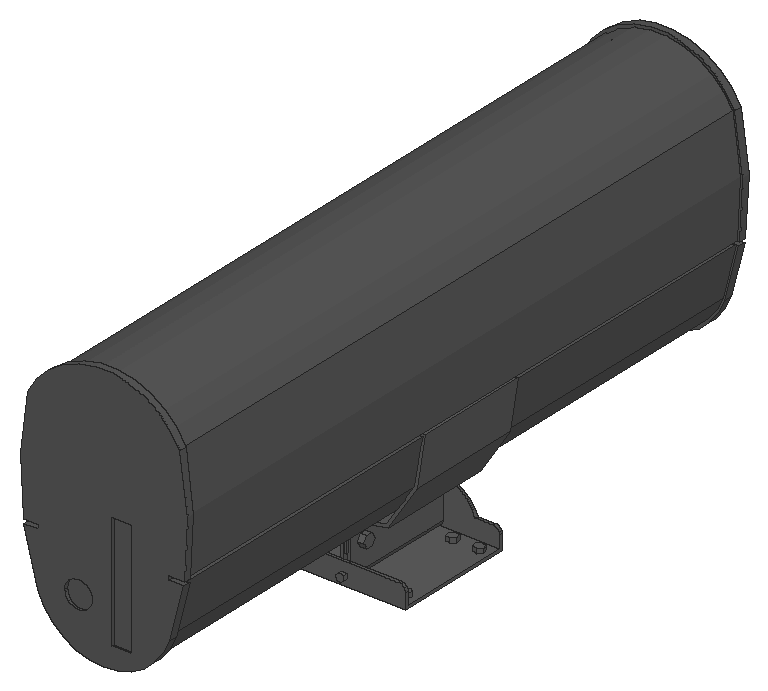
Revit family "Electronics_Desono_Biamp_Compact-Column-Point-Source-Loudspeaker_ENT206", category Communication Devices, host Face, Revit 2020
Family settings
  Host = Face
  Maintain Annotation Orientation = No
  Round Connector Dimension = Use Diameter
  Part Type = Normal
  OmniClass Number = 23.85.10.11.14.14.14
  Cut with Voids When Loaded = No
  Shared = No
  Room Calculation Point = No
Parameters (values of type "ENT206 B")
  Width = 0' - 4.64567"  # constant formula
  Weight = 15.00 lbf  # constant formula
  URL = "https://www.biamp.com/"
  Transducers = "LF  6 x 80 mm long excursion mylar driver; HF  2 x 3-element Compact Ribbon Emulator"  # constant formula
  Tilt angle [instance] = 0.00°
  Shipping Weight = 18.00 lbf  # constant formula
  Rotate angle [instance] = 0.00°
  Required Accessories = "External High Pass Filter - 120 Hz, 24 dB /octave Digital Signal Processor"  # constant formula
  Recommended Amplifers = "Passive - 150 W - 300 W @ 8 Ω (35 V - 49 V)"  # constant formula
  Product data url = "https://www.bimobject.com/biamp/product/ent206_desono-column-point-source"
  Product Page URL = "https://www.biamp.com/products/product-families/desono/point-source-loudspeakers#ent206"
  Product Documentation Link = "https://downloads.biamp.com/assets/docs/default-source/data-sheets/biamp_data_sheet_desono_ent206.pdf"
  Position Note [instance] = if(Position = 1, "Position A - mounting points are guided by the factory marked pilot holes (please see the Installation/Operation manual for the details)", if(Position = 2, "Position B - mounting points are guided by the factory marked pilot holes (please see the Installation/Operation manual for the details)", if(Position = 3, "Position C - mounting points are guided by the factory marked pilot holes (please see the Installation/Operation manual for the details)", "Enter value 1 to 3")))  # "Position A - mounting points are guided by the factory marked pilot holes (please see the Installation/Operation manual for the details)"
  Position [instance] = 1
  Operating Range = "120 Hz to 22 kHz"  # constant formula
  Operating Mode = "Passive"  # constant formula
  Operating Environment = "Indoor or outdoor"  # constant formula
  Offset speaker [instance] = if(Position = 1, 0' 11.85039", if(Position = 2, 0' 9.35039", 0' 6.85039"))  # 0' - 11.85039"
  Nominal Sensitivity = "Passive: 1W - 94dB; 2.83V - 94dB"  # constant formula
  Nominal Maximum SPL (Whole Space) = "Passive: Peak - 122dB; Continuous - 116dB"  # constant formula
  Nominal Beamwidth  (H x V) = "140°  x  20°"  # constant formula
  Nom SA [instance] = if(and(Position = 1, or(Tilt angle < 0.00°, Tilt angle = 0.00°)), 0.00°, if(and(Position = 1, and(Tilt angle > 0.00°, Tilt angle < 10.50°)), Tilt angle, if(and(Position = 1, or(Tilt angle > 10.50°, Tilt angle = 10.50°)), 10.50°, if(and(Position = 2, or(Tilt angle < 0.00°, Tilt angle = 0.00°)), 0.00°, if(and(Position = 2, and(Tilt angle > 0.00°, Tilt angle < 14.00°)), Tilt angle, if(and(Position = 2, or(Tilt angle > 14.00°, Tilt angle = 14.00°)), 14.00°, if(and(Position = 3, or(Tilt angle < 0.00°, Tilt angle = 0.00°)), 0.00°, if(and(Position = 3, and(Tilt angle > 0.00°, Tilt angle < 14.00°)), Tilt angle, if(and(Position = 3, or(Tilt angle > 14.00°, Tilt angle = 14.00°)), 14.00°, 0.00°)))))))))  # 0.00°
  Nom RA [instance] = if(or(Rotate angle < -55.00°, Rotate angle = -55.00°), 55.00°, if(and(Rotate angle > -55.00°, Rotate angle < 55.00°), Rotate angle, if(or(Rotate angle > 55.00°, Rotate angle = 55.00°), 55.00°, 0.00°)))  # 0.00°
  Mounting Points = "Small pan-tilt mounting bracket included (14° down-tilt, ± 55° panning)"  # constant formula
  Model = "ENT206 B"
  Manufacturer = "Biamp"  # constant formula
  Input Connection = "NL4-type connector for low impedance operation, and 8-position terminal strip for low impedance or constant voltage operation"  # constant formula
  Housing Material = Biamp - Plastic - Black
  Height_2 = 1' - 7.92126"  # constant formula
  Grill Material = Biamp - Plastic - Black(Grid)
  Equalized Sensitivity = "Sustem: 1W - 93dB; 2.83V - 93dB"  # constant formula
  Equalized Maximum SPL = "System: Peak - 121dB; Continuous - 115dB"  # constant formula
  Environmental = "IP54 per IEC 60529, designed in accordance with MIL-STD-810G Included ABS plastic rain cover with integrated cable inlet and 1 (25.4mm) knockout for conduit ingress"  # constant formula
  Description = "Desono™ ENT206 Two-Way, Compact Column Point Source Loudspeaker"  # constant formula
  Depth = 0' - 7.48031"  # constant formula
  Default Elevation = 4' - 0"
  Continuous Power Handling Nominal Impedance = "Passive; 35V; 150W @ 8Ω (600W peak)"  # constant formula
  Connector Description = "Terminal strip; Low impedance 16 ohms, 70/100V operation"  # constant formula
  Bracket Material = Biamp - Metal - Black
  Autoformer = "70 V - 60 W,30 W,15 W,7.5W,3.75 W;100 V - 60 W,30 W,15 W,7,5 W"  # constant formula
Types (3): name | Model | Housing Material | Grill Material | Bracket Material
  (no name) | "ENT206 B" | Biamp - Plastic - Black | Biamp - Plastic - Black(Grid) | Biamp - Metal - Black
  ENT206 W | "ENT206 W" | Biamp - Plastic - White | Biamp - Plastic - White(Grid) | Biamp - Metal - White
  ENT206 B | "ENT206 B" | Biamp - Plastic - Black | Biamp - Plastic - Black(Grid) | Biamp - Metal - Black
Reference planes (in)
  plane 1 "Center (Front/Back)": y = 0
  plane 2: z = 0
  plane 3 "Center (Left/Right)": x = 0
  plane 4: z = 0.31496
Dimensions and locks (in)
  aligned and locked: plane 2 to host face
  aligned and locked: level to host face
Nested families (in)
  nested 1: "Tilt Bracket" at (0, 0, 0), Rotate angle <- "Nom RA", Slope angle <- "Nom SA", Housing Material <- "Bracket Material", type "Tilt Bracket"
    with Slope angle 0.00°, Rotate angle 0.00°, Housing Material Biamp - Metal - Black, 2D yes
  nested 2: "ENT206" at (0, 1.62992, 5.43033) x (-1, 0, 0) z (0, -1, 0), Grill <- "Grill Material", Housing Material <- "Housing Material", Offset <- "Offset speaker", type "ENT206"
    with Offset 0' - 11.85039", Housing Material Biamp - Plastic - Black, Grill Biamp - Plastic - Black(Grid)
Connectors (in)
  electrical at (-0.71337, -10.14368, 3.25247)
    settings: on nested 2, index 1, voltage 0 V, apparent load 0 VA, apparent load phase1 0 VA, apparent load phase2 0 VA, apparent load phase3 0 VA, power factor 1, load classification "Other", number of poles 1, system type 5, power factor state 1, is connector primary yes, connector utility no, sub classification motor no, connector description "NL4 connector; Low impedance 16 ohms"
  electrical at (0.4939, -10.14368, 3.9107), driven by "Connector Description"
    settings: on nested 2, index 2, voltage 0 V, apparent load 0 VA, apparent load phase1 0 VA, apparent load phase2 0 VA, apparent load phase3 0 VA, power factor 1, load classification "Other", number of poles 1, system type 5, power factor state 1, is connector primary no, connector utility no, sub classification motor no, connector description "Terminal strip; Low impedance 16 ohms, 70/100V operation"
Definition of nested family "Tilt Bracket"
  Parameters (values of type "Tilt Bracket")
    Width = 0' - 0"
    Weight = 0.00 lbf
    URL = "https://www.biamp.com/"
    Slope angle [instance] = 0.00°
    Rotate angle [instance] = 0.00°
    Product data url = ""
    Product Page URL = ""
    Product Documentation Link = ""
    Model = "ENT203 W"
    Manufacturer = "Biamp"
    Housing Material [instance] = none
    Height = 0' - 0"
    Height_2 = 0' - 0"
    Description = "Electronics_Desono_Biamp_Compact-Column-Point-Source-Loudspeaker_ENT203"
    Depth = 0' - 0"
    Default Elevation = 4' - 0"
    Connector Description = "Terminal strip, 70/100V operation"
    2D [instance] = yes
  Reference planes (in)
    plane 1 "Center (Front/Back)": y = 0
    plane 2: z = 0
    plane 3 "Center (Left/Right)": x = 0
    plane 4: z = 0.31496
  Forms (in)
    Extrusion 1, solid
      sketch origin (0, 0, 0) x (1, 0, 0) y (0, 1, 0)
        loop
          line (-48, 48) -> (-48, -48) -> (48, -48) -> (48, 48) -> (-48, 48)
      from 0 to -12
    Extrusion 2, solid, material <- "Housing Material"
      sketch origin (0, 0, 0) x (1, 0, 0) y (0, 0, 1)
        loop
          line (-1.77165, 0) -> (1.77165, 0) -> (1.77165, 0.43307)
          arc (1.77165, 0.43307) -> (1.714, 0.57227) -> (1.5748, 0.62992) r 0.19685
          line (1.5748, 0.62992) -> (1.06299, 0.62992)
          arc (1.06299, 0.62992) -> (0, 1.37795) -> (-1.06299, 0.62992) r 1.1293
          line (-1.06299, 0.62992) -> (-1.5748, 0.62992)
          arc (-1.5748, 0.62992) -> (-1.714, 0.57227) -> (-1.77165, 0.43307) r 0.19685
          line (-1.77165, 0.43307) -> (-1.77165, 0)
      from -1.71654 to 1.71654
    Extrusion 3, void
      sketch origin (0, 0, 0) x (0, 1, 0) y (0, 0, 1)
        loop
          line (1.6378, 1.85039) -> (-1.6378, 1.85039) -> (-1.6378, 0.07874) -> (1.6378, 0.07874) -> (1.6378, 1.85039)
      from -3.00698 to 2.93513
    Extrusion 4, void
      sketch origin (0, 0, 0) x (0, 1, 0) y (0, 0, 1)
        loop
          line (1.6378, 1.85039) -> (-2.29921, 1.85039) -> (-2.29921, 0.62992) -> (1.6378, 0.62992) -> (1.6378, 1.85039)
      from -3.00698 to 2.93513
    Extrusion 5, solid, material <- "Housing Material"
      sketch origin (0, 0, 0.31496) x (0, 0, 1) y (-1, 0, 0)
        loop
          line (1.05533, 0.14607) -> (-0.07041, 0.14607)
          arc (-0.07041, 0.14607) -> (-0.21647, 0) -> (-0.07041, -0.14607) r 0.14607
          line (-0.07041, -0.14607) -> (1.05533, -0.14607)
          arc (1.05533, -0.14607) -> (1.15376, -0.24449) -> (1.25218, -0.14607) r 0.09843
          line (1.25218, -0.14607) -> (1.25218, -0.05906) -> (0.14445, -0.05906) -> (0.14445, 0.05906) -> (1.25218, 0.05906) -> (1.25218, 0.14607)
          arc (1.25218, 0.14607) -> (1.15376, 0.24449) -> (1.05533, 0.14607) r 0.09843
      from -1.62598 to 1.62598
    Extrusion 6, solid, material <- "Housing Material"
      sketch origin (0, 0, 0.31496) x (0, 0, 1) y (-1, 0, 0)
        loop
          line (1.15376, 0.24449) -> (-0.02734, 0.24449)
          arc (-0.02734, 0.24449) -> (-0.27183, 0) -> (-0.02734, -0.24449) r 0.24449
          line (-0.02734, -0.24449) -> (1.15376, -0.24449)
          arc (1.15376, -0.24449) -> (1.22336, -0.21566) -> (1.25218, -0.14607) r 0.09843
          line (1.25218, -0.14607) -> (1.25218, 0.14607)
          arc (1.25218, 0.14607) -> (1.22336, 0.21566) -> (1.15376, 0.24449) r 0.09843
      from -1.75591 to -1.71654
    Extrusion 7, solid, material <- "Housing Material", detail levels medium+fine
      sketch origin (0, 0, 0) x (1, 0, 0) y (0, 1, 0)
        loop
          line (-1.41187, 1.44934) -> (-1.55491, 1.41101) -> (-1.59323, 1.26798) -> (-1.48852, 1.16327) -> (-1.34549, 1.20159) -> (-1.30716, 1.34463) -> (-1.41187, 1.44934)
        loop
          line (-0.65662, 1.44934) -> (-0.79966, 1.41101) -> (-0.83799, 1.26798) -> (-0.73328, 1.16327) -> (-0.59024, 1.20159) -> (-0.55191, 1.34463) -> (-0.65662, 1.44934)
        loop
          line (1.41187, 1.44934) -> (1.30716, 1.34463) -> (1.34549, 1.20159) -> (1.48852, 1.16327) -> (1.59323, 1.26798) -> (1.55491, 1.41101) -> (1.41187, 1.44934)
        loop
          line (0.65662, 1.44934) -> (0.55191, 1.34463) -> (0.59024, 1.20159) -> (0.73328, 1.16327) -> (0.83799, 1.26798) -> (0.79966, 1.41101) -> (0.65662, 1.44934)
        loop
          line (-1.41187, -1.44934) -> (-1.30716, -1.34463) -> (-1.34549, -1.20159) -> (-1.48852, -1.16327) -> (-1.59323, -1.26798) -> (-1.55491, -1.41101) -> (-1.41187, -1.44934)
        loop
          line (-0.65662, -1.44934) -> (-0.55191, -1.34463) -> (-0.59024, -1.20159) -> (-0.73328, -1.16327) -> (-0.83799, -1.26798) -> (-0.79966, -1.41101) -> (-0.65662, -1.44934)
        loop
          line (1.41187, -1.44934) -> (1.55491, -1.41101) -> (1.59323, -1.26798) -> (1.48852, -1.16327) -> (1.34549, -1.20159) -> (1.30716, -1.34463) -> (1.41187, -1.44934)
        loop
          line (0.65662, -1.44934) -> (0.79966, -1.41101) -> (0.83799, -1.26798) -> (0.73328, -1.16327) -> (0.59024, -1.20159) -> (0.55191, -1.34463) -> (0.65662, -1.44934)
      from 0.07874 to 0.19685
    Extrusion 8, solid, material <- "Housing Material", detail levels medium+fine
      sketch origin (-0.14607, 0, 1.37029) x (0, 0, -1) y (0, -1, 0)
        loop
          line (0.15695, 1.3213) -> (0.15695, 1.12445) -> (0.32743, 1.02603) -> (0.49791, 1.12445) -> (0.49791, 1.3213) -> (0.32743, 1.41973) -> (0.15695, 1.3213)
      from 0 to 0.19685
    Extrusion 9, solid, material <- "Housing Material", detail levels medium+fine
      sketch origin (-0.14607, 0, 1.37029) x (0, 0, -1) y (0, -1, 0)
        loop
          line (0.15695, 1.3213) -> (0.15695, 1.12445) -> (0.32743, 1.02603) -> (0.49791, 1.12445) -> (0.49791, 1.3213) -> (0.32743, 1.41973) -> (0.15695, 1.3213)
      from -0.48819 to -0.29213
    Extrusion 10, solid, material <- "Housing Material", detail levels medium+fine
      sketch origin (0, 1.75591, 0.31496) x (0, 0, -1) y (-1, 0, 0)
        loop
          circle (-1.15376, -0.15463) r 0.07784
        loop
          circle (-1.15376, 0.15463) r 0.07784
      from 0 to 0.11811
    Extrusion 11, solid, material <- "Housing Material", detail levels medium+fine
      sketch origin (0, 1.75591, 0.31496) x (0, 0, -1) y (-1, 0, 0)
        loop
          line (-0.0514, 0.02148) -> (-0.0091, -0.09475) -> (0.11271, -0.11623) -> (0.19221, -0.02148) -> (0.14991, 0.09475) -> (0.0281, 0.11623) -> (-0.0514, 0.02148)
      from 0 to 0.11811
    Extrusion 12, solid, material <- "Housing Material", detail levels medium+fine
      sketch origin (0, -1.71654, 0.31496) x (0, 0, -1) y (1, 0, 0)
        loop
          line (-0.0514, -0.02148) -> (0.0281, -0.11623) -> (0.14991, -0.09475) -> (0.19221, 0.02148) -> (0.11271, 0.11623) -> (-0.0091, 0.09475) -> (-0.0514, -0.02148)
      from 0 to 0.11811
  Cuts and joins
    Extrusion 3, Extrusion 4 cuts Extrusion 2
  Lines and regions (in)
    Masking region 1
      outline origin (0, 0, 0) x (1, 0, 0) y (0, 1, 0)
        loop
          line (-1.77165, 1.71654) -> (-1.77165, -1.71654) -> (1.77165, -1.71654) -> (1.77165, 1.71654) -> (-1.77165, 1.71654)
    Masking region 2
      outline origin (0, 0, 0) x (1, 0, 0) y (0, 0, 1)
        loop
          line (-1.77165, 0.43307) -> (-1.77165, 0) -> (1.77165, 0) -> (1.77165, 0.43307)
          arc (1.77165, 0.43307) -> (1.714, 0.57227) -> (1.5748, 0.62992) r 0.19685
          line (1.5748, 0.62992) -> (-1.5748, 0.62992)
          arc (-1.5748, 0.62992) -> (-1.714, 0.57227) -> (-1.77165, 0.43307) r 0.19685
    Masking region 3
      outline origin (0, 0, 0) x (1, 0, 0) y (0, 0, 1)
        loop
          arc (1.06299, 0.62992) -> (0, 1.37795) -> (-1.06299, 0.62992) r 1.1293
          line (-1.06299, 0.62992) -> (1.06299, 0.62992)
    Masking region 4, visible <- "2D"
      outline origin (0, 0, 0.31496) x (0, 0, 1) y (-1, 0, 0)
        loop
          line (1.05533, 0.14607) -> (-0.07041, 0.14607)
          arc (-0.07041, 0.14607) -> (-0.21647, 0) -> (-0.07041, -0.14607) r 0.14607
          line (-0.07041, -0.14607) -> (1.05533, -0.14607)
          arc (1.05533, -0.14607) -> (1.15376, -0.24449) -> (1.25218, -0.14607) r 0.09843
          line (1.25218, -0.14607) -> (1.25218, -0.05906) -> (0.14445, -0.05906) -> (0.14445, 0.05906) -> (1.25218, 0.05906) -> (1.25218, 0.14607)
          arc (1.25218, 0.14607) -> (1.15376, 0.24449) -> (1.05533, 0.14607) r 0.09843
    reference lines
      curve 1: line (0, 0, 0.31496) -> (0, 0, 2.67717)
      curve 2: line (0, 1.71807, 1.04286) -> (0, -1.23469, 1.04286)
      curve 3: line (0, -1.23469, 1.04286) -> (0, 1.76362, 1.04286)
  Dimensions and locks (in)
    "Rotate angle": angle curve 1 to plane 3 "Center (Left/Right)"
    "Slope angle": angle curve 3 to curve 2
    aligned and locked: plane 2 to Extrusion 1
    aligned and locked: level to Extrusion 1
    aligned and locked: plane 4 to curve 1
    aligned and locked: plane 3 "Center (Left/Right)" to curve 1
  Automatic sketch dimensions
    Extrusion 1 sketch curve to Extrusion 1 sketch curve = 8' - 0"  (x2)
    Extrusion 2 sketch curve to level = 0' - 0"
    Extrusion 2 sketch curve to plane 3 "Center (Left/Right)" = 0' - 0"
    plane 4 to Extrusion 2 sketch curve = 0' - 0.31496"  (x2)
    Extrusion 2 sketch curve to plane 3 "Center (Left/Right)" = 0' - 1.06299"
    Extrusion 2 sketch curve to Extrusion 2 sketch curve = 0' - 0.51181"  (x2)
    plane 4 to Extrusion 2 sketch curve = 0' - 0.11811"  (x2)
    Extrusion 2 sketch curve to plane 4 = 0' - 0.06631"
    plane 1 "Center (Front/Back)" to Extrusion 3 sketch curve = 0' - 1.6378"
    level to Extrusion 3 sketch curve = 0' - 0.07874"
    Extrusion 3 sketch curve to plane 1 "Center (Front/Back)" = 0' - 1.6378"
    plane 4 to Extrusion 3 sketch curve = 0' - 1.53543"
    plane 1 "Center (Front/Back)" to Extrusion 4 sketch curve = 0' - 2.29921"
    plane 4 to Extrusion 4 sketch curve = 0' - 0.31496"
    Extrusion 4 sketch curve to plane 1 "Center (Front/Back)" = 0' - 1.6378"
    Extrusion 4 sketch curve to Extrusion 4 sketch curve = 0' - 1.22047"
    curve 1 to Extrusion 5 sketch curve = 0' - 0"
    Extrusion 5 sketch curve to curve 1 = 0' - 0.07041"
    Extrusion 5 sketch curve to curve 1 = 0' - 0.05906"
    curve 1 to Extrusion 5 sketch curve = 0' - 0.14445"
    curve 1 to Extrusion 5 sketch curve = 0' - 0.14607"
    Extrusion 5 sketch curve to Extrusion 5 sketch curve = 0' - 0.91089"
    Extrusion 5 sketch curve to Extrusion 5 sketch curve = 0' - 0"
    Extrusion 5 sketch curve to Extrusion 5 sketch curve = 0' - 0.09843"  (x2)
    curve 1 to Extrusion 5 sketch curve = 0' - 0.05906"
    curve 1 to Extrusion 6 sketch curve = 0' - 0"
    Extrusion 6 sketch curve to curve 1 = 0' - 0 7/256"
    Extrusion 6 sketch curve to curve 1 = 0' - 0.14607"
    curve 1 to Extrusion 6 sketch curve = 0' - 1.15376"
    curve 1 to Extrusion 6 sketch curve = 0' - 0.14607"
    Extrusion 6 sketch curve to Extrusion 6 sketch curve = 0' - 0.09843"
    Extrusion 7 sketch curve to plane 3 "Center (Left/Right)" = 0' - 1.59323"  (x2)
    Extrusion 7 sketch curve to Extrusion 7 sketch curve = 0' - 0.03833"  (x32)
    Extrusion 7 sketch curve to Extrusion 7 sketch curve = 0' - 0.10471"  (x16)
    Extrusion 7 sketch curve to Extrusion 7 sketch curve = 0' - 0.14304"  (x32)
    Extrusion 7 sketch curve to Extrusion 7 sketch curve = 0' - 0.46917"  (x4)
    plane 3 "Center (Left/Right)" to Extrusion 7 sketch curve = 0' - 0.55191"  (x2)
    plane 1 "Center (Front/Back)" to Extrusion 7 sketch curve = 0' - 1.44934"  (x2)
    Extrusion 7 sketch curve to Extrusion 7 sketch curve = 0' - 0"  (x4)
    Extrusion 7 sketch curve to plane 1 "Center (Front/Back)" = 0' - 1.16327"  (x2)
    Extrusion 5 to Extrusion 8 sketch curve = 0' - 0.15695"
    Extrusion 8 sketch curve to Extrusion 8 sketch curve = 0' - 0.17048"  (x3)
    Extrusion 5 to Extrusion 8 sketch curve = 0' - 0.59996"
    Extrusion 8 sketch curve to Extrusion 8 sketch curve = 0' - 0.09843"  (x3)
    Extrusion 8 sketch curve to Extrusion 8 sketch curve = 0' - 0.19685"  (x2)
    Extrusion 5 to Extrusion 9 sketch curve = 0' - 0.15695"
    Extrusion 9 sketch curve to Extrusion 9 sketch curve = 0' - 0.17048"  (x3)
    Extrusion 5 to Extrusion 9 sketch curve = 0' - 0.59996"
    Extrusion 9 sketch curve to Extrusion 9 sketch curve = 0' - 0.09843"  (x3)
    Extrusion 9 sketch curve to Extrusion 9 sketch curve = 0' - 0.19685"  (x2)
    Extrusion 10 sketch curve to Extrusion 6 = 0' - 0.09843"  (x2)
    Extrusion 10 sketch curve to Extrusion 6 = 0' - 0 23/256"  (x2)
    Extrusion 11 sketch curve to Extrusion 6 = 0' - 0.22301"  (x2)
    Extrusion 11 sketch curve to Extrusion 6 = 0' - 1.20078"
    Extrusion 11 sketch curve to Extrusion 6 = 0' - 0.14974"  (x2)
    Extrusion 11 sketch curve to Extrusion 11 sketch curve = 0' - 0.0423"  (x2)
    Extrusion 11 sketch curve to Extrusion 6 = 0' - 0.12826"  (x2)
    Extrusion 11 sketch curve to Extrusion 11 sketch curve = 0' - 0.07951"
    Extrusion 11 sketch curve to Extrusion 11 sketch curve = 0' - 0.12181"  (x2)
    Extrusion 12 sketch curve to plane 3 "Center (Left/Right)" = 0' - 0.02148"
    plane 4 to Extrusion 12 sketch curve = 0' - 0.0514"
    plane 4 to Extrusion 12 sketch curve = 0' - 0.0091"
    Extrusion 12 sketch curve to plane 4 = 0' - 0.0281"
    Extrusion 12 sketch curve to plane 4 = 0' - 0.11271"
    Extrusion 12 sketch curve to Extrusion 12 sketch curve = 0' - 0.12181"
    plane 3 "Center (Left/Right)" to Extrusion 12 sketch curve = 0' - 0.02148"
    level to Extrusion 12 sketch curve = 0' - 0.12275"
    Extrusion 12 sketch curve to plane 3 "Center (Left/Right)" = 0' - 0.09475"
    Extrusion 12 sketch curve to plane 3 "Center (Left/Right)" = 0' - 0.11623"
    plane 3 "Center (Left/Right)" to Extrusion 12 sketch curve = 0' - 0.09475"
    plane 3 "Center (Left/Right)" to Extrusion 12 sketch curve = 0' - 0.11623"
    Masking region 1 sketch curve to plane 3 "Center (Left/Right)" = 0' - 1.77165"
    plane 3 "Center (Left/Right)" to Masking region 1 sketch curve = 0' - 1.77165"
    plane 1 "Center (Front/Back)" to Masking region 1 sketch curve = 0' - 1.71654"
    Masking region 1 sketch curve to plane 1 "Center (Front/Back)" = 0' - 1.71654"
    Masking region 2 sketch curve to level = 0' - 0"
    plane 4 to Masking region 2 sketch curve = 0' - 0.11811"  (x2)
    Masking region 2 sketch curve to plane 3 "Center (Left/Right)" = 0' - 1.77165"
    Masking region 2 sketch curve to Masking region 2 sketch curve = 0' - 0.19685"
    plane 3 "Center (Left/Right)" to Masking region 2 sketch curve = 0' - 1.5748"
    Masking region 3 sketch curve to plane 3 "Center (Left/Right)" = 0' - 0"
    Masking region 3 sketch curve to plane 4 = 0' - 0.06631"
    plane 4 to Masking region 3 sketch curve = 0' - 0.31496"
    Masking region 3 sketch curve to plane 3 "Center (Left/Right)" = 0' - 1.06299"
    curve 1 to Masking region 4 sketch curve = 0' - 0"
    Masking region 4 sketch curve to curve 1 = 0' - 0.07041"
    curve 1 to Masking region 4 sketch curve = 0' - 0.05906"
    curve 1 to Masking region 4 sketch curve = 0' - 0.14445"
    curve 1 to Masking region 4 sketch curve = 0' - 0.14607"
    Masking region 4 sketch curve to Masking region 4 sketch curve = 0' - 0.91089"
    Masking region 4 sketch curve to Masking region 4 sketch curve = 0' - 0"
    Masking region 4 sketch curve to Masking region 4 sketch curve = 0' - 0.09843"  (x2)
    Masking region 4 sketch curve to curve 1 = 0' - 0.05906"
    curve 1 to curve 2 = 0' - 0.7279"
    curve 1 to curve 3 = 0' - 1.23469"
    radius of Extrusion 10 sketch curve = 0' - 0.07784"  (x2)
  Nested families (in)
    nested 1: "Family3" at (0, 1.6378, 3.33838) x (1, 0, 0) z (0, -1, 0), Bracket Material <- "Housing Material", type "Family3"
      with Bracket Material none
  Definition of nested family "Family3"
    Parameters (values of type "Family3")
      Height = 0' - 0"
      Default Elevation = 4' - 0"
      Bracket Material [instance] = none
    Reference planes (in)
      plane 1 "Center (Front/Back)": y = 0
      plane 2: z = 0
      plane 3 "Center (Left/Right)": x = 0
    Forms (in)
      Extrusion 1, solid, material <- "Bracket Material"
        sketch origin (0, 0, 0) x (1, 0, 0) y (0, 1, 0)
          loop
            line (-1.98147, -0.15394) -> (-2.19371, 1.18613) -> (-1.85078, 1.18613) -> (-1.85078, 1.28016) -> (-2.28833, 1.28016) -> (-2.05662, -0.18279) -> (-1.22109, -1.4694) -> (-0.04675, -1.70881) -> (-0.04675, -2.55906) -> (0.04675, -2.55906) -> (0.04675, -1.70881) -> (1.22109, -1.4694) -> (2.05662, -0.18279) -> (2.28833, 1.28016) -> (1.85078, 1.28016) -> (1.85078, 1.18613) -> (2.19371, 1.18613) -> (1.98147, -0.15394) -> (1.17302, -1.39884) -> (0, -1.63799) -> (-1.17302, -1.39884) -> (-1.98147, -0.15394)
        from 0 to 3.27559
    Lines and regions (in)
      Masking region 1
        outline origin (0, 0, 0) x (1, 0, 0) y (0, 1, 0)
          loop
            line (-2.28833, 1.28016) -> (-2.05662, -0.18279) -> (-1.22109, -1.4694) -> (-0.04675, -1.70881) -> (-0.04675, -2.55906) -> (0.04675, -2.55906) -> (0.04675, -1.70881) -> (1.22109, -1.4694) -> (2.05662, -0.18279) -> (2.28833, 1.28016) -> (1.85078, 1.28016) -> (1.85078, 1.18613) -> (2.19371, 1.18613) -> (1.98147, -0.15394) -> (1.17302, -1.39884) -> (0, -1.63799) -> (-1.17302, -1.39884) -> (-1.98147, -0.15394) -> (-2.19371, 1.18613) -> (-1.85078, 1.18613) -> (-1.85078, 1.28016) -> (-2.28833, 1.28016)
      Masking region 2
        outline origin (0, 0, 0) x (1, 0, 0) y (0, 0, 1)
          loop
            line (-2.28833, 3.27559) -> (-2.28833, 0) -> (-2.05662, 0) -> (-2.05662, 3.27559) -> (-2.28833, 3.27559)
          loop
            line (2.05662, 3.27559) -> (2.05662, 0) -> (2.28833, 0) -> (2.28833, 3.27559) -> (2.05662, 3.27559)
      Masking region 3
        outline origin (0, 0, 0) x (1, 0, 0) y (0, 0, 1)
          loop
            line (-2.05662, 3.27559) -> (-2.05662, 0) -> (-1.22109, 0) -> (-1.22109, 3.27559) -> (-2.05662, 3.27559)
          loop
            line (1.22109, 3.27559) -> (1.22109, 0) -> (2.05662, 0) -> (2.05662, 3.27559) -> (1.22109, 3.27559)
      Masking region 4
        outline origin (0, 0, 0) x (1, 0, 0) y (0, 0, 1)
          loop
            line (-1.22109, 3.27559) -> (-1.22109, 0) -> (1.22109, 0) -> (1.22109, 3.27559) -> (-1.22109, 3.27559)
      Masking region 5
        outline origin (0, 0, 0) x (1, 0, 0) y (0, 0, 1)
          loop
            line (-0.04675, 3.27559) -> (-0.04675, 0) -> (0.04675, 0) -> (0.04675, 3.27559) -> (-0.04675, 3.27559)
    Dimensions and locks (in)
      aligned and locked: level to plane 2
Definition of nested family "ENT206"
  Parameters (values of type "ENT206")
    Offset [instance] = 0' - 1.9685"
    Housing Material [instance] = none
    Grill [instance] = none
    Default Elevation = 4' - 0"
  Reference planes (in)
    plane 1 "Center (Front/Back)": y = 0
    plane 2: z = 0
    plane 3 "Center (Left/Right)": x = 0
  Forms (in)
    Extrusion 1, solid, material <- "Housing Material", detail levels coarse
      sketch origin (-4.6479, 0, 1.9685) x (0, -1, 0) y (-1, 0, 0)
        loop
          arc (-2.41627, -2.84622) -> (-3.68805, -4.6479) -> (-2.41627, -6.44958) r 1.91207
          arc (-2.41627, -6.44958) -> (0, -6.93922) -> (2.45687, -6.73452) r 8.73895
          arc (2.45687, -6.73452) -> (3.72982, -4.6479) -> (2.45687, -2.56128) r 2.34667
          arc (2.45687, -2.56128) -> (0, -2.35658) -> (-2.41627, -2.84622) r 8.73895
      from 0 to 19.92126
    Extrusion 2, solid, material <- "Housing Material", detail levels medium+fine
      sketch origin (-4.6479, 0, 1.9685) x (0, -1, 0) y (-1, 0, 0)
        loop
          arc (-2.44264, -2.77202) -> (-3.76679, -4.6479) -> (-2.44264, -6.52378) r 1.99081
          arc (-2.44264, -6.52378) -> (-1.68569, -6.75508) -> (-0.91106, -6.91758) r 8.81769
          line (-0.91106, -6.91758) -> (-0.91106, -6.49868) -> (-0.80552, -6.49868) -> (-0.80552, -6.93416)
          arc (-0.80552, -6.93416) -> (0.84513, -7.02649) -> (2.48401, -6.80908) r 8.81769
          arc (2.48401, -6.80908) -> (3.80856, -4.6479) -> (2.48401, -2.48672) r 2.42541
          arc (2.48401, -2.48672) -> (0.84513, -2.26931) -> (-0.80552, -2.36164) r 8.81769
          line (-0.80552, -2.36164) -> (-0.80552, -2.79712) -> (-0.91106, -2.79712) -> (-0.91106, -2.37822)
          arc (-0.91106, -2.37822) -> (-1.68569, -2.54072) -> (-2.44264, -2.77202) r 8.81769
      from 0 to 0.19685
    Extrusion 3, solid, material <- "Housing Material", detail levels medium+fine
      sketch origin (-4.6479, 0, 1.9685) x (0, -1, 0) y (-1, 0, 0)
        loop
          arc (-2.44264, -2.77202) -> (-3.76679, -4.6479) -> (-2.44264, -6.52378) r 1.99081
          arc (-2.44264, -6.52378) -> (-1.68569, -6.75508) -> (-0.91106, -6.91758) r 8.81769
          line (-0.91106, -6.91758) -> (-0.91106, -6.49868) -> (-0.80552, -6.49868) -> (-0.80552, -6.93416)
          arc (-0.80552, -6.93416) -> (0.84513, -7.02649) -> (2.48401, -6.80908) r 8.81769
          arc (2.48401, -6.80908) -> (3.80856, -4.6479) -> (2.48401, -2.48672) r 2.42541
          arc (2.48401, -2.48672) -> (0.84513, -2.26931) -> (-0.80552, -2.36164) r 8.81769
          line (-0.80552, -2.36164) -> (-0.80552, -2.79712) -> (-0.91106, -2.79712) -> (-0.91106, -2.37822)
          arc (-0.91106, -2.37822) -> (-1.68569, -2.54072) -> (-2.44264, -2.77202) r 8.81769
      from 19.72441 to 19.92126
    Extrusion 4, solid, material <- "Housing Material", detail levels medium+fine
      sketch origin (-4.6479, 0, 1.9685) x (0, -1, 0) y (-1, 0, 0)
        loop
          arc (-2.41627, -2.84622) -> (-3.68805, -4.6479) -> (-2.41627, -6.44958) r 1.91207
          arc (-2.41627, -6.44958) -> (-1.67231, -6.67722) -> (-0.91106, -6.83779) r 8.73895
          line (-0.91106, -6.83779) -> (-0.91106, -6.49868) -> (-0.80552, -6.49868) -> (-0.80552, -6.85452)
          arc (-0.80552, -6.85452) -> (0.83132, -6.94821) -> (2.45687, -6.73452) r 8.73895
          line (2.45687, -6.73452) -> (2.45687, -2.56128)
          arc (2.45687, -2.56128) -> (0.83132, -2.34759) -> (-0.80552, -2.44128) r 8.73895
          line (-0.80552, -2.44128) -> (-0.80552, -2.79712) -> (-0.91106, -2.79712) -> (-0.91106, -2.45801)
          arc (-0.91106, -2.45801) -> (-1.67231, -2.61858) -> (-2.41627, -2.84622) r 8.73895
      from 0.19685 to 19.72441
    Extrusion 5, solid, material <- "Grill", detail levels medium+fine
      sketch origin (-4.6479, 0, 1.9685) x (0, -1, 0) y (-1, 0, 0)
        loop
          line (2.45687, -2.56128) -> (2.45687, -2.78541)
          arc (2.45687, -2.78541) -> (3.53297, -4.6479) -> (2.45687, -6.51039) r 2.14982
          line (2.45687, -6.51039) -> (2.45687, -6.73452)
          arc (2.45687, -6.73452) -> (3.72982, -4.6479) -> (2.45687, -2.56128) r 2.34667
      from 0.19685 to 19.72441
    Extrusion 6, void
      sketch origin (-4.6479, 0, 1.9685) x (-1, 0, 0) y (0, -1, 0)
        loop
          line (-3.87103, -3.16826) -> (-3.87103, 0.12899) -> (-4.43697, 0.12899) -> (-4.43697, -3.16826) -> (-3.87103, -3.16826)
        loop
          circle (-5.36127, -2.17786) r 0.3937
      from -0.07679 to 0
  Cuts and joins
    Extrusion 6 cuts Extrusion 1
    Extrusion 6 cuts Extrusion 2
    Extrusion 6 cuts Extrusion 4
    Extrusion 6 cuts Extrusion 3
  Lines and regions (in)
    Masking region 1
      outline origin (-4.6479, 0, -11.85039) x (0, -1, 0) y (1, 0, 0)
        loop
          arc (-2.44264, 6.52378) -> (-3.76679, 4.6479) -> (-2.44264, 2.77202) r 1.99081
          arc (-2.44264, 2.77202) -> (-1.68569, 2.54072) -> (-0.91106, 2.37822) r 8.81769
          line (-0.91106, 2.37822) -> (-0.91106, 2.79712) -> (-0.80552, 2.79712) -> (-0.80552, 2.36164)
          arc (-0.80552, 2.36164) -> (0.84513, 2.26931) -> (2.48401, 2.48672) r 8.81769
          arc (2.48401, 2.48672) -> (3.80856, 4.6479) -> (2.48401, 6.80908) r 2.42541
          arc (2.48401, 6.80908) -> (0.84513, 7.02649) -> (-0.80552, 6.93416) r 8.81769
          line (-0.80552, 6.93416) -> (-0.80552, 6.49868) -> (-0.91106, 6.49868) -> (-0.91106, 6.91758)
          arc (-0.91106, 6.91758) -> (-1.68569, 6.75508) -> (-2.44264, 6.52378) r 8.81769
    Masking region 2
      outline origin (-4.6479, 0, 5.74803) x (1, 0, 0) y (0, 0, 1)
        loop
          line (2.26294, -3.77953) -> (2.26294, -3.97638) -> (7.03286, -3.97638) -> (7.03286, -3.77953) -> (2.26294, -3.77953)
        loop
          line (2.26294, -23.50394) -> (2.26294, -23.70079) -> (7.03286, -23.70079) -> (7.03286, -23.50394) -> (2.26294, -23.50394)
    Masking region 3
      outline origin (-4.6479, 0, 5.74803) x (1, 0, 0) y (0, 0, 1)
        loop
          line (2.56128, -3.97638) -> (2.34168, -3.97638) -> (2.34168, -23.50394) -> (2.56128, -23.50394) -> (2.56128, -3.97638)
        loop
          line (6.73452, -3.97638) -> (6.73452, -23.50394) -> (6.95412, -23.50394) -> (6.95412, -3.97638) -> (6.73452, -3.97638)
    Masking region 4
      outline origin (-4.6479, 0, 5.74803) x (1, 0, 0) y (0, 0, 1)
        loop
          line (2.56128, -3.97638) -> (2.56128, -23.50394) -> (6.73452, -23.50394) -> (6.73452, -3.97638) -> (2.56128, -3.97638)
    reference lines
      curve 1: line (-4.6479, 0, 1.9685) -> (6.17887, 0, 1.9685)
  Dimensions and locks (in)
    "Offset": curve 1 to plane 2
    aligned and locked: level to plane 2
  Automatic sketch dimensions
    Masking region 1 sketch curve to Masking region 1 sketch curve = 0' - 0"  (x5)
    Masking region 1 sketch curve to plane 3 "Center (Left/Right)" = 0' - 0"  (x2)
    Masking region 1 sketch curve to plane 1 "Center (Front/Back)" = 0' - 1.77598"
    Masking region 1 sketch curve to plane 1 "Center (Front/Back)" = 0' - 0.91106"  (x2)
    Masking region 1 sketch curve to Masking region 1 sketch curve = 0' - 0.10554"  (x2)
    plane 1 "Center (Front/Back)" to Masking region 1 sketch curve = 0' - 0.51011"  (x2)
    plane 1 "Center (Front/Back)" to Masking region 1 sketch curve = 0' - 1.38315"
    Masking region 1 sketch curve to plane 3 "Center (Left/Right)" = 0' - 1.85078"
    Masking region 1 sketch curve to Masking region 1 sketch curve = 0' - 0.4189"  (x2)
    Masking region 1 sketch curve to Masking region 1 sketch curve = 0' - 0.01658"  (x2)
    Masking region 1 sketch curve to Masking region 1 sketch curve = 0' - 4.14647"  (x2)
    plane 3 "Center (Left/Right)" to Masking region 1 sketch curve = 0' - 1.85078"
    Masking region 1 sketch curve to plane 3 "Center (Left/Right)" = 0' - 2.16118"
    Extrusion 2 sketch curve to Extrusion 2 sketch curve = 0' - 0"  (x5)
    Extrusion 2 sketch curve to curve 1 = 0' - 1.77598"
    Extrusion 2 sketch curve to curve 1 = 0' - 0.91106"  (x2)
    Extrusion 2 sketch curve to Extrusion 2 sketch curve = 0' - 0.10554"  (x2)
    curve 1 to Extrusion 2 sketch curve = 0' - 0.51011"  (x2)
    curve 1 to Extrusion 2 sketch curve = 0' - 1.38315"
    Extrusion 2 sketch curve to curve 1 = 0' - 1.78483"
    curve 1 to Extrusion 2 sketch curve = 0' - 2.36164"
    Extrusion 2 sketch curve to Extrusion 2 sketch curve = 0' - 0.01658"  (x2)
    Extrusion 2 sketch curve to Extrusion 2 sketch curve = 0' - 0.4189"  (x2)
    Extrusion 2 sketch curve to Extrusion 2 sketch curve = 0' - 1.85078"  (x3)
    curve 1 to Extrusion 2 sketch curve = 0' - 0.25386"
    Extrusion 2 sketch curve to Extrusion 2 sketch curve = 0' - 1.10086"
    Extrusion 3 sketch curve to Extrusion 3 sketch curve = 0' - 0"  (x5)
    Extrusion 3 sketch curve to curve 1 = 0' - 1.77598"
    Extrusion 3 sketch curve to curve 1 = 0' - 0.91106"  (x2)
    Extrusion 3 sketch curve to Extrusion 3 sketch curve = 0' - 0.10554"  (x2)
    curve 1 to Extrusion 3 sketch curve = 0' - 0.51011"  (x2)
    curve 1 to Extrusion 3 sketch curve = 0' - 1.38315"
    Extrusion 3 sketch curve to curve 1 = 0' - 1.78483"
    curve 1 to Extrusion 3 sketch curve = 0' - 2.36164"
    Extrusion 3 sketch curve to Extrusion 3 sketch curve = 0' - 0.01658"  (x2)
    Extrusion 3 sketch curve to Extrusion 3 sketch curve = 0' - 0.4189"  (x2)
    Extrusion 3 sketch curve to Extrusion 3 sketch curve = 0' - 1.85078"  (x3)
    curve 1 to Extrusion 3 sketch curve = 0' - 0.25386"
    Extrusion 3 sketch curve to Extrusion 3 sketch curve = 0' - 1.10086"
    Extrusion 4 sketch curve to Extrusion 4 sketch curve = 0' - 0"  (x5)
    Extrusion 4 sketch curve to curve 1 = 0' - 1.77598"
    Extrusion 4 sketch curve to curve 1 = 0' - 0.91106"  (x2)
    Extrusion 4 sketch curve to Extrusion 4 sketch curve = 0' - 0.10554"  (x2)
    curve 1 to Extrusion 4 sketch curve = 0' - 0.51011"  (x2)
    curve 1 to Extrusion 4 sketch curve = 0' - 2.45687"
    Extrusion 4 sketch curve to curve 1 = 0' - 1.78483"
    curve 1 to Extrusion 4 sketch curve = 0' - 2.44128"
    Extrusion 4 sketch curve to Extrusion 4 sketch curve = 0' - 0.01673"  (x2)
    curve 1 to Extrusion 4 sketch curve = 0' - 2.56128"
    Extrusion 4 sketch curve to Extrusion 4 sketch curve = 0' - 0.33911"
    Extrusion 4 sketch curve to Extrusion 4 sketch curve = 0' - 1.85078"  (x2)
    Extrusion 4 sketch curve to Extrusion 4 sketch curve = 0' - 0.23584"
    Extrusion 5 sketch curve to Extrusion 5 sketch curve = 0' - 0"  (x2)
    curve 1 to Extrusion 5 sketch curve = 0' - 1.38315"
    Extrusion 5 sketch curve to Extrusion 5 sketch curve = 0' - 1.07371"  (x2)
    curve 1 to Extrusion 5 sketch curve = 0' - 2.56128"
    Extrusion 5 sketch curve to Extrusion 5 sketch curve = 0' - 0.22414"
    Extrusion 5 sketch curve to Extrusion 5 sketch curve = 0' - 1.86249"
    Extrusion 1 sketch curve to curve 1 = 0' - 1.77598"
    curve 1 to Extrusion 1 sketch curve = 0' - 0.51011"  (x2)
    curve 1 to Extrusion 1 sketch curve = 0' - 1.38315"
    Extrusion 1 sketch curve to curve 1 = 0' - 1.78483"
    curve 1 to Extrusion 1 sketch curve = 0' - 4.6479"
    Extrusion 1 sketch curve to Extrusion 1 sketch curve = 0' - 0"  (x2)
    curve 1 to Extrusion 1 sketch curve = 0' - 0.25386"
    Extrusion 1 sketch curve to Extrusion 1 sketch curve = 0' - 0.64029"  (x2)
    Extrusion 1 sketch curve to Extrusion 1 sketch curve = 0' - 1.07371"
    curve 1 to Masking region 2 sketch curve = 0' - 2.26294"  (x2)
    Masking region 2 sketch curve to curve 1 = 0' - 3.79391"  (x2)
    Masking region 2 sketch curve to curve 1 = 1' - 7.92126"
    Masking region 2 sketch curve to Masking region 2 sketch curve = 0' - 0.19685"  (x2)
    Masking region 2 sketch curve to curve 1 = 0' - 0.19685"
    curve 1 to Masking region 3 sketch curve = 0' - 2.34168"
    Masking region 3 sketch curve to Masking region 3 sketch curve = 0' - 0.2196"  (x2)
    Masking region 3 sketch curve to curve 1 = 0' - 4.09225"
    Masking region 3 sketch curve to curve 1 = 1' - 7.72441"  (x2)
    Masking region 3 sketch curve to curve 1 = 0' - 0.19685"  (x2)
    curve 1 to Masking region 4 sketch curve = 0' - 2.56128"
    Masking region 4 sketch curve to curve 1 = 0' - 4.09225"
    Masking region 4 sketch curve to curve 1 = 1' - 7.72441"
    Masking region 4 sketch curve to curve 1 = 0' - 0.19685"
    Extrusion 6 sketch curve to curve 1 = 0' - 2.17786"
    Extrusion 6 sketch curve to curve 1 = 0' - 5.36127"
    Extrusion 6 sketch curve to Extrusion 6 sketch curve = 0' - 0.9243"
    Extrusion 6 sketch curve to Extrusion 6 sketch curve = 0' - 0.56594"
    Extrusion 6 sketch curve to Extrusion 6 sketch curve = 0' - 0.99039"
    curve 1 to Extrusion 6 sketch curve = 0' - 0.12899"
    curve 1 to plane 3 "Center (Left/Right)" = 0' - 4.6479"
    plane 3 "Center (Left/Right)" to curve 1 = 0' - 6.17887"
    radius of Extrusion 6 sketch curve = 0' - 0.3937"
